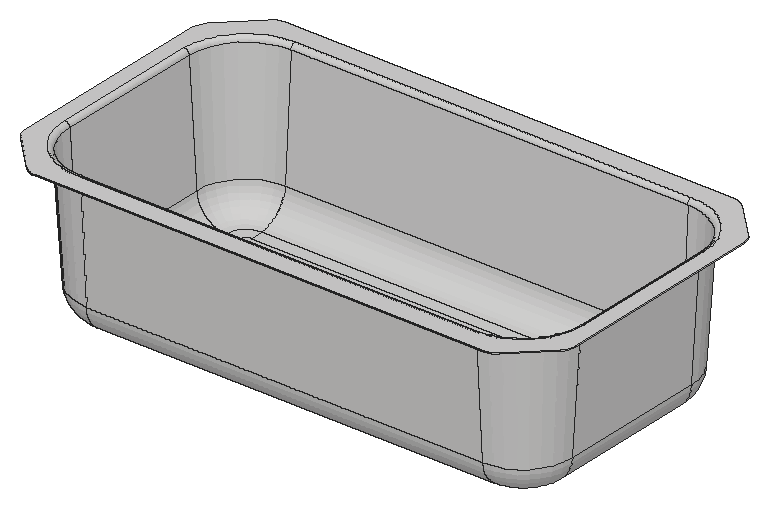
Revit family "Sink-Kitchen-KOHLER-Undertone-K-5290", category Plumbing Fixtures, host Face, Revit 2015 (continued)
Definition of nested family "K-5290"
  Lines and regions (in)
    symbolic lines, visible <- "K_5290_HCF", detail levels medium+fine
      curve 284: line (-2.03265, -1.37784, 0) -> (-2.03265, -0.77239, 0)
      curve 285: line (-2.21776, -2.20259, 0) -> (-2.21776, -2.80724, 0)
      curve 286: line (-2.03265, -2.09743, 0) -> (-2.03265, -1.483, 0)
      curve 287: line (-2.21776, -2.9124, 0) -> (-2.21776, -3.52651, 0)
      curve 288: line (-2.03265, -2.80724, 0) -> (-2.03265, -2.20259, 0)
      curve 289: line (-2.21776, -3.63259, 0) -> (-2.21776, -4.23759, 0)
      curve 290: line (-2.03265, -3.52651, 0) -> (-2.03265, -2.9124, 0)
      curve 291: line (-2.21776, -4.34275, 0) -> (-2.21776, -4.95768, 0)
      curve 292: line (-2.03265, -4.23759, 0) -> (-2.03265, -3.63259, 0)
      curve 293: line (-2.21776, -5.06284, 0) -> (-2.21776, -5.66739, 0)
      curve 294: line (-2.03265, -4.95768, 0) -> (-2.03265, -4.34275, 0)
      curve 295: line (-2.21776, -5.77255, 0) -> (-2.21776, -6.52179, 0)
      curve 296: line (-2.03265, -5.66739, 0) -> (-2.03265, -5.06284, 0)
      curve 297: line (7.81725, -6.23386, 0) -> (7.81725, -5.77255, 0)
      curve 298: line (7.92261, 6.2338, 0) -> (7.92261, 5.77608, 0)
      curve 299: line (7.81725, 5.77608, 0) -> (7.81725, 6.23386, 0)
      curve 300: line (7.92261, 5.66646, 0) -> (7.92261, 5.06312, 0)
      curve 301: line (7.81725, 5.06312, 0) -> (7.81725, 5.66646, 0)
      curve 302: line (7.92261, 4.95796, 0) -> (7.92261, 4.34365, 0)
      curve 303: line (7.81725, 4.34365, 0) -> (7.81725, 4.95796, 0)
      curve 304: line (7.92261, 4.23849, 0) -> (7.92261, 3.63187, 0)
      curve 305: line (7.81725, 3.63187, 0) -> (7.81725, 4.23849, 0)
      curve 306: line (7.92261, 3.52718, 0) -> (7.92261, 2.91316, 0)
      curve 307: line (7.81725, 2.91316, 0) -> (7.81725, 3.52718, 0)
      curve 308: line (7.92261, 2.808, 0) -> (7.92261, 2.20268, 0)
      curve 309: line (7.81725, 2.20268, 0) -> (7.81725, 2.808, 0)
      curve 310: line (7.92261, 2.09753, 0) -> (7.92261, 1.48236, 0)
      curve 311: line (7.81725, 1.48236, 0) -> (7.81725, 2.09753, 0)
      curve 312: line (7.92261, 1.37721, 0) -> (7.92261, 0.77225, 0)
      curve 313: line (7.81725, 0.77225, 0) -> (7.81725, 1.37721, 0)
      curve 314: line (7.92261, 0.66709, 0) -> (7.92261, 0.05248, 0)
      curve 315: line (7.81725, 0.05248, 0) -> (7.81725, 0.66709, 0)
      curve 316: line (7.81725, -0.66723, 0) -> (7.81725, -0.05268, 0)
      curve 317: line (7.92261, -0.77239, 0) -> (7.92261, -1.37784, 0)
      curve 318: line (7.92261, -0.05268, 0) -> (7.92261, -0.66723, 0)
      curve 319: line (7.81725, -1.37784, 0) -> (7.81725, -0.77239, 0)
      curve 320: line (7.92261, -1.483, 0) -> (7.92261, -2.09743, 0)
      curve 321: line (7.81725, -2.09743, 0) -> (7.81725, -1.483, 0)
      curve 322: line (7.92261, -2.20259, 0) -> (7.92261, -2.80724, 0)
      curve 323: line (7.81725, -2.80724, 0) -> (7.81725, -2.20259, 0)
      curve 324: line (7.92261, -2.9124, 0) -> (7.92261, -3.52651, 0)
      curve 325: line (7.81725, -3.52651, 0) -> (7.81725, -2.9124, 0)
      curve 326: line (7.92261, -3.63259, 0) -> (7.92261, -4.23759, 0)
      curve 327: line (7.81725, -4.23759, 0) -> (7.81725, -3.63259, 0)
      curve 328: line (7.92261, -4.34275, 0) -> (7.92261, -4.95768, 0)
      curve 329: line (7.81725, -4.95768, 0) -> (7.81725, -4.34275, 0)
      curve 330: line (7.92261, -5.06284, 0) -> (7.92261, -5.66739, 0)
      curve 331: line (7.81725, -5.66739, 0) -> (7.81725, -5.06284, 0)
      curve 332: line (7.92261, -5.77255, 0) -> (7.92261, -6.2338, 0)
      curve 333: line (2.03365, 6.52179, 0) -> (2.03365, 5.77608, 0)
      curve 334: line (2.21876, -6.52179, 0) -> (2.21876, -5.77255, 0)
      curve 335: line (2.03365, 5.66646, 0) -> (2.03365, 5.06312, 0)
      curve 336: line (2.21876, 5.77608, 0) -> (2.21876, 6.52179, 0)
      curve 337: line (2.03365, 4.95796, 0) -> (2.03365, 4.34365, 0)
      curve 338: line (2.21876, 5.06312, 0) -> (2.21876, 5.66646, 0)
      curve 339: line (2.03365, 4.23849, 0) -> (2.03365, 3.63187, 0)
      curve 340: line (2.21876, 4.34365, 0) -> (2.21876, 4.95796, 0)
      curve 341: line (2.03365, 3.52718, 0) -> (2.03365, 2.91316, 0)
      curve 342: line (2.21876, 3.63187, 0) -> (2.21876, 4.23849, 0)
      curve 343: line (2.03365, 2.808, 0) -> (2.03365, 2.20268, 0)
      curve 344: line (2.21876, 2.91316, 0) -> (2.21876, 3.52718, 0)
      curve 345: line (2.03365, 2.09753, 0) -> (2.03365, 1.48236, 0)
      curve 346: line (2.21876, 2.20268, 0) -> (2.21876, 2.808, 0)
      curve 347: line (2.03365, 1.37721, 0) -> (2.03365, 0.77225, 0)
      curve 348: line (2.21876, 1.48236, 0) -> (2.21876, 2.09753, 0)
      curve 349: line (2.03365, 0.66709, 0) -> (2.03365, 0.05248, 0)
      curve 350: line (2.21876, 0.77225, 0) -> (2.21876, 1.37721, 0)
      curve 351: line (2.03365, -0.05268, 0) -> (2.03365, -0.66723, 0)
      curve 352: line (2.21876, 0.05248, 0) -> (2.21876, 0.66709, 0)
      curve 353: line (2.03365, -0.77239, 0) -> (2.03365, -1.37784, 0)
      curve 354: line (2.21876, -0.66723, 0) -> (2.21876, -0.05268, 0)
      curve 355: line (2.03365, -1.483, 0) -> (2.03365, -2.09743, 0)
      curve 356: line (2.21876, -1.37784, 0) -> (2.21876, -0.77239, 0)
      curve 357: line (2.03365, -2.20259, 0) -> (2.03365, -2.80724, 0)
      curve 358: line (2.21876, -2.09743, 0) -> (2.21876, -1.483, 0)
      curve 359: line (2.03365, -2.9124, 0) -> (2.03365, -3.52651, 0)
      curve 360: line (2.21876, -2.80724, 0) -> (2.21876, -2.20259, 0)
      curve 361: line (2.03365, -3.63259, 0) -> (2.03365, -4.23759, 0)
      curve 362: line (2.21876, -3.52651, 0) -> (2.21876, -2.9124, 0)
      curve 363: line (2.03365, -4.34275, 0) -> (2.03365, -4.95768, 0)
      curve 364: line (2.21876, -4.23759, 0) -> (2.21876, -3.63259, 0)
      curve 365: line (2.03365, -5.06284, 0) -> (2.03365, -5.66739, 0)
      curve 366: line (2.21876, -4.95768, 0) -> (2.21876, -4.34275, 0)
      curve 367: line (2.03365, -5.77255, 0) -> (2.03365, -6.52179, 0)
      curve 368: line (2.21876, -5.66739, 0) -> (2.21876, -5.06284, 0)
    symbolic lines, detail levels medium+fine
      curve 155: circle (0, 0, 0) r 1.4868 normal (0, 0, -1)
      curve 156: circle (0, 0, 0) r 1.76035 normal (0, 0, 1)
      curve 157: circle (0, 0, 0) r 1.87298 normal (0, 0, 1)
      curve 158: circle (0, 0, 0) r 2 normal (0, 0, 1)
      curve 159: circle (-0.00023, 1.28069, 0) r 0.0956 normal (0, 0, 1)
      curve 160: circle (-0.00023, 0.95263, 0) r 0.0956 normal (0, 0, 1)
      curve 161: circle (-0.00023, 0.62382, 0) r 0.0956 normal (0, 0, 1)
      curve 162: circle (-0.00028, -1.28214, 0) r 0.0956 normal (0, 0, -1)
      curve 163: circle (-0.00027, -0.95408, 0) r 0.0956 normal (0, 0, -1)
      curve 164: circle (-0.00026, -0.62528, 0) r 0.0956 normal (0, 0, -1)
      curve 165: circle (1.28215, 0.00023, 0) r 0.0956 normal (0, 0, 1)
      curve 166: circle (0.95408, 0.00023, 0) r 0.0956 normal (0, 0, 1)
      curve 167: circle (0.62528, 0.00023, 0) r 0.0956 normal (0, 0, 1)
      curve 168: circle (-1.28068, 0.00026, 0) r 0.0956 normal (0, 0, -1)
      curve 169: circle (-0.95262, 0.00025, 0) r 0.0956 normal (0, 0, -1)
      curve 170: circle (-0.62382, 0.00025, 0) r 0.0956 normal (0, 0, -1)
      curve 171: circle (0.79866, 1.00207, 0) r 0.0956 normal (0, 0, 1)
      curve 172: circle (0.56044, 0.77054, 0) r 0.0956 normal (0, 0, 1)
      curve 173: circle (0.31204, 0.54035, 0) r 0.0956 normal (0, 0, 1)
      curve 174: circle (1.15481, 0.55533, 0) r 0.0956 normal (0, 0, 1)
      curve 175: circle (0.77084, 0.55945, 0) r 0.0956 normal (0, 0, 1)
      curve 176: circle (0.54151, 0.31223, 0) r 0.0956 normal (0, 0, 1)
      curve 177: circle (1.24856, 0.28479, 0) r 0.0956 normal (0, 0, 1)
      curve 178: circle (0.90561, 0.29477, 0) r 0.0956 normal (0, 0, 1)
      curve 179: circle (0.29392, 0.90529, 0) r 0.0956 normal (0, 0, 1)
      curve 180: circle (0.28416, 1.24832, 0) r 0.0956 normal (0, 0, 1)
      curve 181: circle (0.55646, 1.15445, 0) r 0.0956 normal (0, 0, 1)
      curve 182: circle (1.00163, 0.79852, 0) r 0.0956 normal (0, 0, 1)
      curve 183: circle (-0.79718, 1.00209, 0) r 0.0956 normal (0, 0, -1)
      curve 184: circle (-0.55896, 0.77055, 0) r 0.0956 normal (0, 0, -1)
      curve 185: circle (-0.31056, 0.54036, 0) r 0.0956 normal (0, 0, -1)
      curve 186: circle (-1.15333, 0.55535, 0) r 0.0956 normal (0, 0, -1)
      curve 187: circle (-0.76937, 0.55947, 0) r 0.0956 normal (0, 0, -1)
      curve 188: circle (-0.54004, 0.31224, 0) r 0.0956 normal (0, 0, -1)
      curve 189: circle (-1.24709, 0.28482, 0) r 0.0956 normal (0, 0, -1)
      curve 190: circle (-0.90414, 0.29479, 0) r 0.0956 normal (0, 0, -1)
      curve 191: circle (-0.29244, 0.9053, 0) r 0.0956 normal (0, 0, -1)
      curve 192: circle (-0.28267, 1.24833, 0) r 0.0956 normal (0, 0, -1)
      curve 193: circle (-0.55497, 1.15446, 0) r 0.0956 normal (0, 0, -1)
      curve 194: circle (-1.00015, 0.79854, 0) r 0.0956 normal (0, 0, -1)
      curve 195: circle (-0.79722, -1.00351, 0) r 0.0956 normal (0, 0, 1)
      curve 196: circle (-0.55899, -0.77198, 0) r 0.0956 normal (0, 0, 1)
      curve 197: circle (-0.31059, -0.5418, 0) r 0.0956 normal (0, 0, 1)
      curve 198: circle (-1.15336, -0.55676, 0) r 0.0956 normal (0, 0, 1)
      curve 199: circle (-0.76939, -0.56089, 0) r 0.0956 normal (0, 0, 1)
      curve 200: circle (-0.54005, -0.31367, 0) r 0.0956 normal (0, 0, 1)
      curve 201: circle (-1.2471, -0.28622, 0) r 0.0956 normal (0, 0, 1)
      curve 202: circle (-0.90415, -0.29621, 0) r 0.0956 normal (0, 0, 1)
      curve 203: circle (-0.29248, -0.90674, 0) r 0.0956 normal (0, 0, 1)
      curve 204: circle (-0.28272, -1.24977, 0) r 0.0956 normal (0, 0, 1)
      curve 205: circle (-0.55502, -1.15589, 0) r 0.0956 normal (0, 0, 1)
      curve 206: circle (-1.00018, -0.79995, 0) r 0.0956 normal (0, 0, 1)
      curve 207: circle (0.79866, -1.00353, 0) r 0.0956 normal (0, 0, -1)
      curve 208: circle (0.56044, -0.77199, 0) r 0.0956 normal (0, 0, -1)
      curve 209: circle (0.31204, -0.5418, 0) r 0.0956 normal (0, 0, -1)
      curve 210: circle (1.15481, -0.55679, 0) r 0.0956 normal (0, 0, -1)
      curve 211: circle (0.77084, -0.56091, 0) r 0.0956 normal (0, 0, -1)
      curve 212: circle (0.54151, -0.31368, 0) r 0.0956 normal (0, 0, -1)
      curve 213: circle (1.24856, -0.28625, 0) r 0.0956 normal (0, 0, -1)
      curve 214: circle (0.90561, -0.29623, 0) r 0.0956 normal (0, 0, -1)
      curve 215: circle (0.29392, -0.90674, 0) r 0.0956 normal (0, 0, -1)
      curve 216: circle (0.28416, -1.24978, 0) r 0.0956 normal (0, 0, -1)
      curve 217: circle (0.55646, -1.1559, 0) r 0.0956 normal (0, 0, -1)
      curve 218: circle (1.00163, -0.79998, 0) r 0.0956 normal (0, 0, -1)
      curve 369: line (1.07, 0, -11.75679) -> (-1.07, 0, -11.75679)
      curve 370: line (-1.07, 0, -11.446) -> (1.07, 0, -11.446)
      curve 371: line (0.87351, 0, -11.40494) -> (-0.87351, 0, -11.40494)
      curve 372: line (0.93551, 0, -11.36915) -> (-0.93551, 0, -11.36915)
      curve 373: line (-1.64039, 0, -10.4551) -> (1.64039, 0, -10.4551)
      curve 374: line (2.39677, 0, -9.10358) -> (-2.39677, 0, -9.10358)
      curve 375: line (-11.76323, 0, -8.75429) -> (11.7602, 0, -8.75429)
      curve 376: line (-0.87298, 0, -12.04) -> (0.87298, 0, -12.04)
      curve 377: line (0, -8.925, -0.04) -> (0, 8.925, -0.04)
      curve 378: line (0, 1.07, -11.75679) -> (0, -1.07024, -11.75679)
      curve 379: line (0, 0.94463, -11.44318) -> (0, -0.93901, -11.44318)
      curve 380: line (0, 0.87351, -11.40213) -> (0, -0.87649, -11.40213)
      curve 381: line (0, 0.93551, -11.36633) -> (0, -0.93432, -11.36633)
      curve 382: line (0, 1.64039, -10.45228) -> (0, -1.60961, -10.45228)
      curve 383: line (0, 1.59401, -9.33816) -> (0, -1.84765, -9.33816)
      curve 384: line (0, 2.39677, -9.10077) -> (0, -2.38181, -9.10077)
      curve 385: line (0, 4.04451, -8.75429) -> (0, -4.67819, -8.75429)
      curve 386: line (0, -0.87298, -12.03913) -> (0, 0.87186, -12.03913)
      curve 387: line (-15.75, 0, -0.04) -> (15.75, 0, -0.04)
      curve 388: line (-1.59401, 0, -9.31472) -> (1.59401, 0, -9.31472)
      curve 389: line (11.34011, -7.39229, 0) -> (-11.34687, -7.39229, 0)
      curve 390: arc (14.47181, -4.26059, 0) -> (13.55455, -6.47503, 0) -> (11.34011, -7.39229, 0) r 3.1317
      curve 391: line (14.47181, -4.26059, 0) -> (14.47181, 4.26735, 0)
      curve 392: arc (14.47181, 4.26735, 0) -> (13.55712, 6.47559, 0) -> (11.34888, 7.39028, 0) r 3.12292
      curve 393: line (11.34888, 7.39028, 0) -> (-11.34888, 7.39028, 0)
      curve 394: arc (-14.47979, 4.25936, 0) -> (-13.56277, 6.47325, 0) -> (-11.34888, 7.39028, 0) r 3.13091
      curve 395: line (-14.47979, -4.25936, 0) -> (-14.47979, 4.25936, 0)
      curve 396: arc (-11.34687, -7.39229, 0) -> (-13.56218, -6.47467, 0) -> (-14.47979, -4.25936, 0) r 3.13292
  Dimensions and locks (in)
    aligned and locked: plane 2 to level
Types (2): name | Type | Product Page URL | Product Documentation Link | Model | K_5290_HCF | Description
  NA-Stainless Steel | 1 | "http://www.us.kohler.com/us/catalog/productDetails.jsp?productNumber=5290" | "http://www.us.kohler.com/onlinecatalog/pdf/K-5290_spec.pdf" | "K-5290-NA" | no | "31-1/4 inch x 17-7/8 inch x 9-5/16 inch large under-mount single-bowl kitchen sink"
  Preserve Sink with Sink Rack-NA-Stainless Steel | 2 | "http://www.us.kohler.com/us/catalog/productDetails.jsp?productNumber=5290-HCF" | "http://www.us.kohler.com/onlinecatalog/pdf/K-5290-HCF_spec.pdf" | "K-5290-HCF-NA" | yes | "Preserve 31-1/4 inch x 17-7/8 inch x 9-5/16 inch large under-mount single-bowl kitchen sink"
